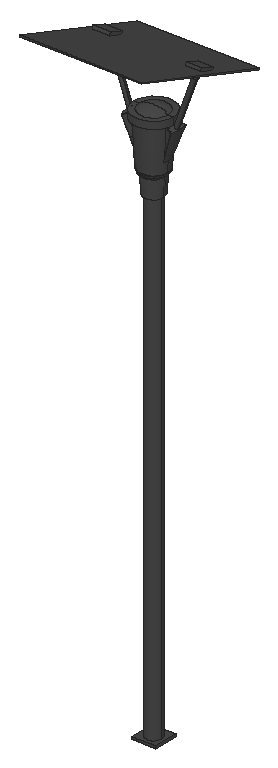
Revit family "SETI-CRS", category Lighting Fixtures, host Face, Revit 2014
Parameters (values of type "SETI")
  Watts = 55 W
  Wattage Comments = "55W"
  Wattage = 55 W
  Warranty = "5 Year Limited Warranty "  # constant formula
  built-in parameter 1150110 = 1 (stored number, unit not read)
  Voltage = 120 V
  URL = "https://www.hubbell.com/beacon/en"
  Type Comments = "Light Fixture"  # constant formula
  built-in parameter 1114217 = 1 (stored number, unit not read)
  Tilt Angle = -90.00°
  built-in parameter 1150109 = 1 (stored number, unit not read)
  built-in parameter 1150134 = 3
  built-in parameter 1150113 = 1 (stored number, unit not read)
  Product Page URL = "https://www.hubbell.com/beacon/en/Products/Lighting-Controls/Commercial-Outdoor-Lighting/Decorative-Post-Top/SETI/p/249145"
  Product Documentation Link = "https://hubbellcdn.com/specsheet/SETI_LED_spec_sheet.pdf"
  Power Factor = 1
  Photometric Web File = "SETI-24L-55-3K7-30RD.ies"
  Model Type = "Single fixture"
  Model = "SETI"  # constant formula
  Manufacturer = "Beacon"  # constant formula
  built-in parameter 1150105 = 437.68 (stored number, unit not read)
  Lumens = 5500 lm
  built-in parameter 1150115 = 1 (stored number, unit not read)
  Load Classification = Lighting
  Lighting Connector Description = "Lighting Connector"  # constant formula
  built-in parameter 1150137 = (empty or 0)
  built-in parameter 1150139 = (empty or 0)
  Light Distribution = "IES Type II,III,IV"  # constant formula
  built-in parameter 1150112 = 1 (stored number, unit not read)
  built-in parameter 1150114 = 1 (stored number, unit not read)
  Lamp = "LED"
  built-in parameter 1150132 = (empty or 0)
  built-in parameter 1150102 = (empty or 0)
  built-in parameter 1150107 = 3200 (stored number, unit not read)
  built-in parameter 1150138 = (empty or 0)
  built-in parameter 1150106 = 4.3768 (stored number, unit not read)
  IP Rating = "IP55"  # constant formula
  Height [instance] = 120.000"
  Glass = Hubbell-Matte Black
  Finish = Hubbell-Matte Black
  built-in parameter 1150129 = 10.000"
  Emit Shape Visible in Rendering = no
  built-in parameter 1150104 = 9.2903 (stored number, unit not read)
  Dimming Lamp Color Temperature Shift = <None>
  Description = "The energy efficiency of LED lighting becomes an architectural statement with this high performance luminaire. A wide range of top shade options offers the architect a design solution to complement its setting while energy efficiency is achieved to meet the requirements of a LEED certified design. As a NO Glare indirect LED lighting fixture, the SETI is ideal as for walkways, atriums, exterior and interior applications with high pedestrian traffic."  # constant formula
  Default Elevation = 48.000"
  Create Date = "07/30/2019"  # constant formula
  Copyright = "©Beacon a unit of Hubbell Lighting"  # constant formula
  Controls = "dimming, timed dimming with simple delay,\r\nor timed dimming by time of night"  # constant formula
  Contact us = "https://www.hubbell.com/beacon/en/contactUs"
  Color Filter = 16777215
  Certification = " CSA certified to UL 1598, UL 8750, CSA\r\nC22.2 No. 250.0-08, and CSA C22.2 No.\r\n250.13-14."  # constant formula
  CRI = "70"  # constant formula
  built-in parameter 1114218 = 1 (stored number, unit not read)
  Emit from Circle Diameter = 120.000"
  Assembly Code = "D5020280"
  Apparent Load = Watts / Power Factor  # 55 VA
Reference planes (in)
  plane 1 "Center (Front/Back)": y = 0
  plane 2: z = 0
  plane 3 "Center (Left/Right)": x = 0
  plane 4: z = 0.5
  plane 5: y = 3
  plane 6: y = -3
  plane 7: x = -3
  plane 8: x = 3
  plane 9: x = 2
  plane 10: x = -2
  plane 11: y = 2
  plane 12: y = -2
  plane 13: z = 120
Forms (in)
  Extrusion 1, solid, material "Hubbell-Matte Black" <- "Finish"
    sketch origin (0, 0, 0) x (1, 0, 0) y (0, 1, 0)
      loop
        line (-3, 3) -> (-3, -3) -> (3, -3) -> (3, 3) -> (-3, 3)
    from 0 to 0.5
  Extrusion 2, solid, material "Hubbell-Matte Black" <- "Finish"
    sketch origin (0, 0, 0) x (1, 0, 0) y (0, 1, 0)
      loop
        circle (0, 0) r 2
    from 0 to 120
Cuts and joins
  joined: Extrusion 1, Extrusion 2
Dimensions and locks (in)
  locked: host sketch curve to host sketch curve at 48  (x2)
  equal spacing: host sketch curve, plane 3 "Center (Left/Right)", host sketch curve
  equal spacing: host sketch curve, plane 1 "Center (Front/Back)", host sketch curve
  plane 3 "Center (Left/Right)" to host sketch curve = 24.000"
  plane 1 "Center (Front/Back)" to host sketch curve = 24.000"
  locked: plane 4 to plane 2 at 0.5
  equal spacing: plane 7, plane 3 "Center (Left/Right)", plane 8
  locked: plane 7 to plane 8 at 6
  equal spacing: plane 5, plane 1 "Center (Front/Back)", plane 6
  locked: plane 5 to plane 6 at 6
  locked: plane 5 to plane 11 at 1
  equal spacing: plane 11, plane 1 "Center (Front/Back)", plane 12
  plane 11 to plane 12 = 4.000"
  equal spacing: plane 10, plane 3 "Center (Left/Right)", plane 9
  locked: plane 7 to plane 10 at 1
  "Height": plane 13 to plane 2
  plane 13 to plane 4 = 119.500"
  aligned and locked: plane 2 to host face
  aligned and locked: level to host face
  aligned and locked: Extrusion 1 sketch curve to plane 5
  aligned and locked: plane 7 to Extrusion 1 sketch curve
  aligned and locked: plane 6 to Extrusion 1 sketch curve
  aligned and locked: Extrusion 1 sketch curve to plane 8
  aligned and locked: plane 4 to Extrusion 1
  aligned and locked: plane 13 to Extrusion 2
Automatic sketch dimensions
  plane 1 "Center (Front/Back)" to Extrusion 2 sketch curve = 0.000"
  Extrusion 2 sketch curve to plane 3 "Center (Left/Right)" = 0.000"
  radius of Extrusion 2 sketch curve = 2.000"
Nested families (in)
  nested 1: "Side Mounted" at (-0.02624, -0.01275, 120), Finish <- "Finish", Glass <- "Glass", type "Side Mounted"
    with Glass Hubbell-Matte Black, Finish Hubbell-Matte Black
Connectors (in)
  electrical at (0, 0, 0), driven by "Load Classification", driven by "Voltage", driven by "Apparent Load", driven by "Power Factor"
    settings: on cut or joined group of Extrusion 1, Extrusion 2, index 1, voltage 120 V, apparent load 55 VA, apparent load phase1 0 VA, apparent load phase2 0 VA, apparent load phase3 0 VA, power factor 1, load classification "Lighting", number of poles 1, system type 30, power factor state 1, is connector primary yes, connector utility no, sub classification motor no, connector description "Lighting Connector"
Definition of nested family "Side Mounted"
  Parameters (values of type "Side Mounted")
    Width = 40.000"
    URL = ""
    Sensor = Hubbell-White
    Product Page URL = ""
    Product Documentation Link = ""
    Model = ""
    Manufacturer Phone = ""
    Manufacturer Fax = ""
    Manufacturer = ""
    Glass [instance] = Metal-Hubbell-Galvanized_Steel
    Finish [instance] = Metal-Hubbell-Galvanized_Steel
    Fastners = Metal-Hubbell-Black
    Description = ""
    Default Elevation = 48.000"
    Apparent Load = 0 VA
  Reference planes (in)
    plane 1 "Center (Front/Back)": y = 0
    plane 2: z = 0
    plane 3 "Center (Left/Right)": x = 0
    plane 4: y = 4.6
    plane 5: y = -5
    plane 6: x = -20
    plane 7: x = 20
    plane 8: z = 26.4375
    plane 9: z = 39.125
    plane 10: y = -22.4
    plane 11: y = 13.6
  Forms (in)
    Extrusion 1, solid
      sketch origin (0, 0, 0) x (1, 0, 0) y (0, 1, 0)
        loop
          line (-24, 24) -> (-24, -24) -> (24, -24) -> (24, 24) -> (-24, 24)
      from 0 to -1.5
    Revolve 2, solid, material "Metal-Hubbell-Galvanized_Steel" <- "Finish"
      sketch origin (0, 0, 0) x (1, 0, 0) y (0, 0, 1)
        loop
          line (0, 0) -> (2.5, 0) -> (2.65705, 4.49726)
          arc (2.65705, 4.49726) -> (3.02278, 4.83776) -> (3.37192, 5.19525) r 10.51451
          arc (3.37192, 5.19525) -> (3.5103, 5.41732) -> (3.5551, 5.67511) r 0.68356
          arc (3.5551, 5.67511) -> (3.5505, 5.7783) -> (3.54093, 5.88114) r 2.14503
          line (3.54093, 5.88114) -> (4.29022, 16.59647)
          arc (4.29022, 16.59647) -> (4.3777, 16.77987) -> (4.56676, 16.85435) r 0.27722
          line (4.56676, 16.85435) -> (4.93325, 16.85435) -> (4.93325, 18.60435) -> (3.55825, 18.60435)
          arc (3.55825, 18.60435) -> (1.85661, 19.4209) -> (0, 19.76049) r 7.10314
          line (0, 19.76049) -> (0, 0)
        axis (0, 19.76049) -> (0, 0)
      angle from 0 to 360
    Revolve 3, solid, material "Metal-Hubbell-Galvanized_Steel" <- "Finish"
      sketch origin (0, 0, 0) x (1, 0, 0) y (0, 0, 1)
        loop
          line (5.36896, 15.69168) -> (5.83881, 15.52067) -> (11.03189, 29.78854) -> (10.56204, 29.95955) -> (5.36896, 15.69168)
        axis (5.36896, 15.69168) -> (10.56204, 29.95955)
      angle from 0 to 360
    Revolve 4, solid, material "Metal-Hubbell-Galvanized_Steel" <- "Finish"
      sketch origin (0, 0, 0) x (-1, 0, 0) y (0, 0, 1)
        loop
          line (5.47028, 15.97005) -> (5.94013, 15.79904) -> (10.98944, 29.6719) -> (10.51959, 29.84291) -> (5.47028, 15.97005)
        axis (5.47028, 15.97005) -> (10.51959, 29.84291)
      angle from 0 to 360
    Extrusion 5, solid, material "Metal-Hubbell-Galvanized_Steel" <- "Finish"
      sketch origin (-5, -11.32268, 2.22887) x (1, 0, 0) y (0, 0.358368, 0.93358)
        loop
          line (-8.75, 32.20906) -> (-8.75, 30.95906) -> (-4.4166, 30.95906) -> (-4.4166, 32.20906) -> (-8.75, 32.20906)
        loop
          line (14.32268, 30.95906) -> (18.01305, 30.95906) -> (18.01305, 32.20906) -> (14.32268, 32.20906) -> (14.32268, 30.95906)
      from -1.9493 to 1.8651
    Revolve 6, solid, material "Metal-Hubbell-Galvanized_Steel" <- "Finish"
      sketch origin (-5, 0, 0) x (1, 0, 0) y (0, 0, 1)
        loop
          line (15.33602, 29.33857) -> (15.9841, 29.10269) -> (16.65976, 30.95906) -> (16.01169, 31.19494) -> (15.33602, 29.33857)
        axis (16.01169, 31.19494) -> (15.33602, 29.33857)
      angle from 0 to 360
    Revolve 7, solid, material "Metal-Hubbell-Galvanized_Steel" <- "Finish"
      sketch origin (5, 0, 0) x (-1, 0, 0) y (0, 0, 1)
        loop
          line (15.33602, 29.33857) -> (15.9841, 29.10269) -> (16.65976, 30.95906) -> (16.01169, 31.19494) -> (15.33602, 29.33857)
        axis (16.01169, 31.19494) -> (15.33602, 29.33857)
      angle from 0 to 360
    Revolve 8, solid, material "Metal-Hubbell-Galvanized_Steel" <- "Finish"
      sketch origin (0, 0, 0) x (1, 0, 0) y (0, 0, 1)
        loop
          line (3.7012, 8.5425) -> (6.52286, 16.29497) -> (4.98597, 16.85435)
          arc (4.98597, 16.85435) -> (4.56682, 16.79916) -> (4.37161, 16.42416) r 0.45779
          line (4.37161, 16.42416) -> (3.7012, 8.5425)
        axis (0, 16.85435) -> (0, 8.5425)
      angle from 200 to 160
    Revolve 9, solid, material "Metal-Hubbell-Galvanized_Steel" <- "Finish"
      sketch origin (0, 0, 0) x (-1, 0, 0) y (0, 0, 1)
        loop
          line (3.7012, 8.5425) -> (6.52286, 16.29497) -> (4.98597, 16.85435)
          arc (4.98597, 16.85435) -> (4.56682, 16.79916) -> (4.37161, 16.42416) r 0.45779
          line (4.37161, 16.42416) -> (3.7012, 8.5425)
        axis (0, 16.85435) -> (0, 8.5425)
      angle from 200 to 160
    Sweep 10, void
      path in 3D
        loop
          line (3.55833, -1.29513, 8.77742) -> (6.12948, -2.23095, 16.29497) -> (4.68528, -1.7053, 16.85435)
      profile origin (4.84391, -1.76304, 12.53619) x (-0.883022, 0.321394, 0.34202) y (-0.34202, -0.939693, 0)
        loop
          line (0.24348, 0.04653) -> (-0.08789, 0.04653) -> (-0.08789, -0.16509)
          arc (-0.08789, -0.16509) -> (0.06251, -0.03534) -> (0.24348, 0.04653) r 0.69458
    Sweep 11, void
      path in 3D
        loop
          line (3.55833, 1.29513, 8.77742) -> (6.12948, 2.23095, 16.29497) -> (4.68528, 1.7053, 16.85435)
      profile origin (4.84391, 1.76304, 12.53619) x (0.883022, 0.321394, -0.34202) y (-0.34202, 0.939693, 0)
        loop
          arc (-0.24348, 0.04653) -> (-0.06251, -0.03534) -> (0.08789, -0.16509) r 0.69458
          line (0.08789, -0.16509) -> (0.08789, 0.04653) -> (-0.24348, 0.04653)
    Sweep 12, void
      path in 3D
        loop
          line (-3.55833, -1.29513, 8.77742) -> (-6.12948, -2.23095, 16.29497) -> (-4.68528, -1.7053, 16.85435)
      profile origin (-4.84391, -1.76304, 12.53619) x (-0.883022, -0.321394, -0.34202) y (0.34202, -0.939693, 0)
        loop
          arc (-0.24348, 0.04653) -> (-0.06251, -0.03534) -> (0.08789, -0.16509) r 0.69458
          line (0.08789, -0.16509) -> (0.08789, 0.04653) -> (-0.24348, 0.04653)
    Sweep 13, void
      path in 3D
        loop
          line (-3.55833, 1.29513, 8.77742) -> (-6.12948, 2.23095, 16.29497) -> (-4.68528, 1.7053, 16.85435)
      profile origin (-4.84391, 1.76304, 12.53619) x (0.883022, -0.321394, 0.34202) y (0.34202, 0.939693, 0)
        loop
          line (0.24348, 0.04653) -> (-0.08789, 0.04653) -> (-0.08789, -0.16509)
          arc (-0.08789, -0.16509) -> (0.06251, -0.03534) -> (0.24348, 0.04653) r 0.69458
    Extrusion 14, solid, material "Metal-Hubbell-Galvanized_Steel" <- "Glass"
      sketch origin (0, 0, 0) x (0, 1, 0) y (0, 0, 1)
        loop
          line (13.6, 26.4375) -> (13.6, 26.87577)
          arc (13.6, 26.87577) -> (-4.13906, 33.94898) -> (-22.4, 39.53848) r 231.87909
          line (-22.4, 39.53848) -> (-22.4, 39.125)
          arc (-22.4, 39.125) -> (-4.13804, 33.52455) -> (13.6, 26.4375) r 231.47909
      from -15 to 15
  Cuts and joins
    Sweep 10, Sweep 11, Sweep 12, Sweep 13 cuts Revolve 2
    Sweep 10, Sweep 11, Sweep 12, Sweep 13 cuts Revolve 9
    Sweep 12, Sweep 13 cuts Revolve 8
  Lines and regions (in)
    sketch lines
      curve 1: line (3.55833, -1.29513, 8.77742) -> (6.12948, -2.23095, 16.29497)
      curve 2: line (6.12948, -2.23095, 16.29497) -> (4.68528, -1.7053, 16.85435)
      curve 3: line (3.55833, 1.29513, 8.77742) -> (6.12948, 2.23095, 16.29497)
      curve 4: line (6.12948, 2.23095, 16.29497) -> (4.68528, 1.7053, 16.85435)
      curve 5: line (-3.55833, -1.29513, 8.77742) -> (-6.12948, -2.23095, 16.29497)
      curve 6: line (-6.12948, -2.23095, 16.29497) -> (-4.68528, -1.7053, 16.85435)
      curve 7: line (-3.55833, 1.29513, 8.77742) -> (-6.12948, 2.23095, 16.29497)
      curve 8: line (-6.12948, 2.23095, 16.29497) -> (-4.68528, 1.7053, 16.85435)
  Dimensions and locks (in)
    locked: Extrusion 1 sketch curve to Extrusion 1 sketch curve at 48  (x2)
    equal spacing: Extrusion 1 sketch curve, plane 3 "Center (Left/Right)", Extrusion 1 sketch curve
    equal spacing: Extrusion 1 sketch curve, plane 1 "Center (Front/Back)", Extrusion 1 sketch curve
    plane 3 "Center (Left/Right)" to Extrusion 1 sketch curve = 24.000"
    plane 1 "Center (Front/Back)" to Extrusion 1 sketch curve = 24.000"
    locked: plane 4 to plane 1 "Center (Front/Back)" at 4.6
    plane 1 "Center (Front/Back)" to plane 5 = 5.000"
    "Width": plane 7 to plane 6
    plane 9 to plane 2 = 39.125"
    equal spacing: plane 7, plane 3 "Center (Left/Right)", plane 6
    aligned and locked: plane 2 to Extrusion 1
    aligned and locked: level to Extrusion 1
  Automatic sketch dimensions
    Revolve 2 sketch curve to plane 3 "Center (Left/Right)" = 0.000"  (x2)
    Revolve 2 sketch curve to level = 0.000"
    Revolve 2 sketch curve to plane 3 "Center (Left/Right)" = 0.33838"
    Revolve 2 sketch curve to Revolve 2 sketch curve = 3.98437"
    plane 3 "Center (Left/Right)" to Revolve 2 sketch curve = 1.41052"
    plane 3 "Center (Left/Right)" to Revolve 2 sketch curve = 2.500"
    Revolve 2 sketch curve to Revolve 2 sketch curve = 1.24653"
    Revolve 2 sketch curve to Revolve 2 sketch curve = 0.21464"
    Revolve 2 sketch curve to Revolve 2 sketch curve = 0.66924"
    plane 3 "Center (Left/Right)" to Revolve 2 sketch curve = 3.55825"
    Revolve 2 sketch curve to Revolve 2 sketch curve = 0.73197"
    Revolve 2 sketch curve to Revolve 2 sketch curve = 0.27654"
    Revolve 2 sketch curve to Revolve 2 sketch curve = 1.375"
    level to Revolve 2 sketch curve = 4.49726"
    Revolve 2 sketch curve to Revolve 2 sketch curve = 1.13388"
    Revolve 2 sketch curve to Revolve 2 sketch curve = 1.16384"
    Revolve 2 sketch curve to Revolve 2 sketch curve = 0.22004"
    Revolve 2 sketch curve to Revolve 2 sketch curve = 6.7298"
    Revolve 2 sketch curve to Revolve 2 sketch curve = 0.30448"
    Revolve 2 sketch curve to Revolve 2 sketch curve = 3.91172"
    Revolve 2 sketch curve to Revolve 2 sketch curve = 0.01934"
    Revolve 2 sketch curve to Revolve 2 sketch curve = 1.750"
    Revolve 2 sketch curve to Revolve 2 sketch curve = 0.000"
    Revolve 2 sketch curve to level = 9.5625"
    plane 8 to Revolve 2 sketch curve = 2.000"
    plane 3 "Center (Left/Right)" to Revolve 3 sketch curve = 5.36896"
    Revolve 3 sketch curve to Revolve 3 sketch curve = 0.46985"
    Revolve 3 sketch curve to plane 7 = 9.43796"
    Revolve 3 sketch curve to plane 8 = 10.91683"
    Revolve 3 sketch curve to Revolve 3 sketch curve = 0.17101"
    Revolve 3 sketch curve to Revolve 3 sketch curve = 0.34979"
    Revolve 3 sketch curve to Revolve 3 sketch curve = 4.85948"
    Revolve 3 sketch curve to Revolve 3 sketch curve = 0.96104"
    Revolve 3 sketch curve to Revolve 3 sketch curve = 13.35132"
    plane 3 "Center (Left/Right)" to Revolve 4 sketch curve = 5.47028"
    Revolve 4 sketch curve to Revolve 4 sketch curve = 0.46985"
    Revolve 4 sketch curve to plane 6 = 9.48041"
    plane 8 to Revolve 4 sketch curve = 10.63846"
    Revolve 4 sketch curve to Revolve 4 sketch curve = 0.17101"
    Revolve 4 sketch curve to Revolve 4 sketch curve = 0.24847"
    Revolve 4 sketch curve to Revolve 4 sketch curve = 4.90194"
    Revolve 4 sketch curve to Revolve 4 sketch curve = 0.68267"
    Revolve 4 sketch curve to Revolve 4 sketch curve = 13.46796"
    Revolve 6 sketch curve to plane 7 = 9.66398"
    Revolve 6 sketch curve to Revolve 6 sketch curve = 0.64807"
    Revolve 6 sketch curve to Revolve 6 sketch curve = 0.67567"
    plane 8 to Revolve 6 sketch curve = 2.66519"
    Revolve 6 sketch curve to Revolve 6 sketch curve = 0.23588"
    plane 8 to Revolve 6 sketch curve = 2.2874"
    Revolve 6 sketch curve to Revolve 6 sketch curve = 0.22336"
    Revolve 6 sketch curve to Revolve 6 sketch curve = 0.04397"
    Revolve 6 sketch curve to Revolve 6 sketch curve = 0.12082"
    Revolve 7 sketch curve to plane 6 = 9.66398"
    Revolve 7 sketch curve to Revolve 7 sketch curve = 0.64807"
    Revolve 7 sketch curve to Revolve 7 sketch curve = 0.67567"
    Revolve 7 sketch curve to plane 8 = 2.66519"
    Revolve 7 sketch curve to Revolve 7 sketch curve = 0.23588"
    Revolve 7 sketch curve to plane 8 = 2.2874"
    Revolve 7 sketch curve to Revolve 7 sketch curve = 0.22336"
    Revolve 7 sketch curve to Revolve 7 sketch curve = 0.04397"
    Revolve 7 sketch curve to Revolve 7 sketch curve = 0.12082"
    Revolve 8 sketch curve to plane 3 "Center (Left/Right)" = 0.000"
    plane 3 "Center (Left/Right)" to Revolve 8 sketch curve = 3.7012"
    plane 3 "Center (Left/Right)" to Revolve 8 sketch curve = 4.37161"
    Revolve 8 sketch curve to Revolve 8 sketch curve = 0.45779"
    Revolve 8 sketch curve to Revolve 8 sketch curve = 0.15657"
    Revolve 8 sketch curve to Revolve 8 sketch curve = 1.53689"
    level to Revolve 8 sketch curve = 8.5425"
    Revolve 8 sketch curve to Revolve 8 sketch curve = 7.75246"
    Revolve 8 sketch curve to level = 5.5625"
    Revolve 8 sketch curve to plane 8 = 2.000"
    Revolve 9 sketch curve to plane 3 "Center (Left/Right)" = 0.000"
    plane 3 "Center (Left/Right)" to Revolve 9 sketch curve = 3.7012"
    plane 3 "Center (Left/Right)" to Revolve 9 sketch curve = 4.37161"
    Revolve 9 sketch curve to Revolve 9 sketch curve = 0.45779"
    Revolve 9 sketch curve to Revolve 9 sketch curve = 0.15657"
    Revolve 9 sketch curve to Revolve 9 sketch curve = 1.53689"
    Revolve 9 sketch curve to level = 8.5425"
    Revolve 9 sketch curve to Revolve 9 sketch curve = 7.75246"
    level to Revolve 9 sketch curve = 5.5625"
    plane 8 to Revolve 9 sketch curve = 2.000"
    profile plane to Sweep 10 sketch curve = 0.08789"
    Sweep 10 sketch curve to profile plane = 0.43635"
    Sweep 10 sketch curve to profile plane = 0.62074"
    profile plane to Sweep 10 sketch curve = 0.04653"
    Sweep 10 sketch curve to profile plane = 0.24348"
    profile plane to Sweep 11 sketch curve = 0.43635"
    profile plane to Sweep 11 sketch curve = 0.04653"
    profile plane to Sweep 11 sketch curve = 0.24348"
    Sweep 11 sketch curve to profile plane = 0.08789"
    Sweep 11 sketch curve to profile plane = 0.16509"
    profile plane to Sweep 12 sketch curve = 0.43635"
    profile plane to Sweep 12 sketch curve = 0.04653"
    profile plane to Sweep 12 sketch curve = 0.24348"
    Sweep 12 sketch curve to profile plane = 0.08789"
    Sweep 12 sketch curve to profile plane = 0.16509"
    profile plane to Sweep 13 sketch curve = 0.04653"
    profile plane to Sweep 13 sketch curve = 0.08789"
    Sweep 13 sketch curve to profile plane = 0.24348"
    Sweep 13 sketch curve to profile plane = 0.43635"
    Sweep 13 sketch curve to profile plane = 0.16509"
    Extrusion 14 sketch curve to Extrusion 14 sketch curve = 0.000"  (x2)
    Extrusion 14 sketch curve to plane 10 = 0.000"
    Extrusion 14 sketch curve to plane 9 = 0.000"
    Extrusion 14 sketch curve to plane 11 = 0.000"
    Extrusion 14 sketch curve to plane 8 = 0.000"
    plane 10 to Extrusion 14 sketch curve = 58.6798"
    plane 8 to Extrusion 14 sketch curve = 0.43827"
    plane 6 to Extrusion 5 sketch curve = 6.250"
    Extrusion 5 sketch curve to Extrusion 5 sketch curve = 4.3334"
    plane 3 "Center (Left/Right)" to Extrusion 5 sketch curve = 9.32268"
    Extrusion 5 sketch curve to Extrusion 5 sketch curve = 3.69037"
    Extrusion 5 sketch curve to Extrusion 5 sketch curve = 0.000"
    Extrusion 5 sketch curve to Extrusion 5 sketch curve = 1.250"  (x2)
